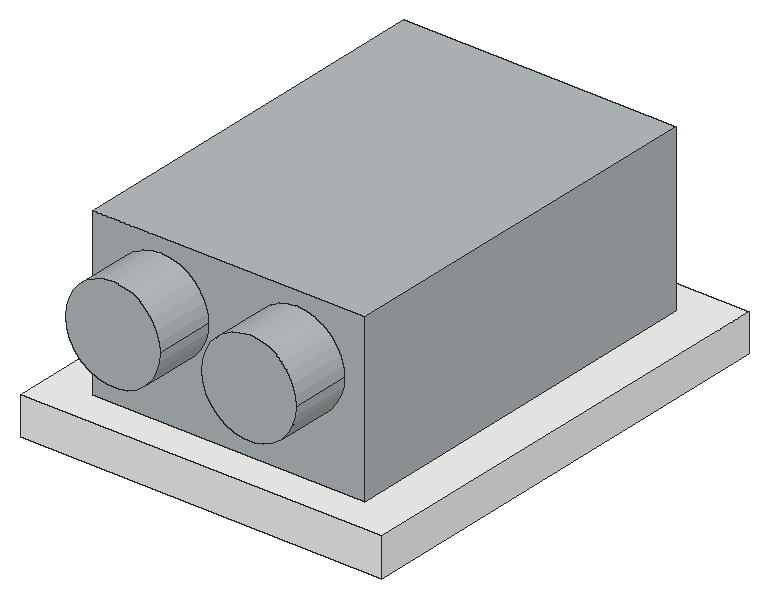
Revit family "v-142_143bzlt5_60Hz", category 機械設備, Revit 2019
Family settings
  丸型コネクタ寸法 = 直径を使用
  パーツ タイプ = 標準
  OmniClass 番号 = 23.75.35.17.27
  OmniClass タイトル = Centrifugal Fans
  作業面ベース = いいえ
  常に垂直 = はい
  ロード時にボイドで切り取り = いいえ
  共有 = いいえ
  部屋計算ポイント = はい
Parameters (values of type "V-142BZLT5")
  騒音レベル(dB(A)) [instance] = 44
  風量 [instance] = 170.0 m³/h
  電源種別 [instance] = ""
  電圧 = 100 V
  電動機出力 = 0 W
  電動機_種別 [instance] = ""
  運転質量 = 0.00 kg
  連動 [instance] = ""
  質量 = if(製品質量 > 運転質量, 製品質量, 運転質量) * 1.2  # 10.08 kg
  負荷分類 = 3_ファン類
  説明 = "バス乾燥・暖房・換気システム 薄形タイプ"
  設計風量 [instance] = 0.0 m³/h
  設置方法 = "カセット形"
  記号 [instance] = ""
  製造元 = "三菱電機株式会社"
  製品質量 = 8.40 kg
  製品出荷対象 = "国内"
  製品リリース年月 = "2022年5月10日"
  製品グループ = ""
  系統 [instance] = ""
  符号 [instance] = if(☑給気／□排気, "FS", "FE")  # "FE"
  積算_科目 = "2 換気設備"
  積算_拾い区分 [instance] = ""
  相 = 1
  盤記号 [instance] = ""
  発停方法 [instance] = ""
  特殊仕様 [instance] = ""
  点検口離隔 = 150 mm
  点検口_Depth = 450 mm
  点検口 = yes
  火災停止 [instance] = ""
  消費電力 = 1230 W
  法定耐用年数 = "10"
  機外静圧 [instance] = 0.0 Pa
  極数 = 2
  材質 [instance] = ""
  操作・制御方式 = ""
  操作・制御スイッチ = ""
  排気量 [instance] = if(☑給気／□排気, 0.0 m³/h, 設計風量)  # 0.0 m³/h
  形式 = ""
  幹線記号 [instance] = ""
  対象室 [instance] = ""
  実風量 [instance] = 0.0 m³/h
  始動方式 [instance] = "直入"
  本体固定用穴ピッチ2 = 265 mm
  本体固定用穴ピッチ1 = 304 mm
  本体固定用穴ピッチ4 = 424 mm
  本体固定用穴ピッチ3 = 224 mm
  外気量 [instance] = if(☑給気／□排気, 設計風量, 0.0 m³/h)  # 0.0 m³/h
  呼称 = "天井扇"
  周波数 = 60 Hz
  参照している仕様書等のバージョン = ""
  分類コード = "50052503100080"
  分類グループ = ""
  価格 = 124300
  企業コード = "108420"
  付属品_防振装置 = ""
  付属品 [instance] = ""
  仕様書バージョン = "Version1.0"
  モデル = "V-142BZLT5"
  マテリアル = 亜鉛メッキ鋼板
  ファンの種類 = ""
  ダクト径 = 100 mm
  コメント [instance] = ""
  Keynote = ""
  カバーマテリアル = 合成樹脂(白)
  ☑給気／□排気 [instance] = no
  Width = 280 mm
  W1 = 372 mm
  Version = ""
  Uniclass2015Version = "Systems v1.9"
  Uniclass2015Title = "Centrifugal fans"
  Uniclass2015Code = "Pr_65_67_29_12"
  URL = "https://www.mitsubishielectric.co.jp/ldg/wink/ssl/displayProduct.do?pid=320527"
  SpecificationReference = ""
  SpecificationDescription = ""
  Revision = ""
  RAダクト接続口_A = yes
  RAダクト接続口_B = no
  RAダクト接続口_C = no
  RAサイズ_D = 97.5 mm
  ProductInformation = ""
  OmniClassCode = "23-33 31 19 11 15"
  MIN風量 = 90.0 m³/h
  MIN静圧 = 0.0 Pa
  MID風量 = 0.0 m³/h
  MID静圧 = 0.0 Pa
  MAX風量 = 170.0 m³/h
  MAX静圧 = 0.0 Pa
  IfcTypeProduct = ""
  IfcProduct = ""
  IfcExportType = "PROPELLORAXIAL"
  IfcExportAs = "IfcFanType"
  Height = 170 mm
  H1 = 39 mm
  EAサイズ_D = 97.5 mm
  Duct_H = 107 mm
  Duct_RA_EA_W = 70 mm
  Duct_Depth = 61 mm
  DuctChange_D = 53.6 mm
  Depth = 400 mm
  D1 = 472 mm
  Author = "三菱電機株式会社"
Types (2, lengths in mm): name | 価格 | モデル | URL | RAダクト接続口_B
  V-142BZLT5 | 124300 | "V-142BZLT5" | "https://www.mitsubishielectric.co.jp/ldg/wink/ssl/displayProduct.do?pid=320527" | no
  V-143BZLT5 | 126500 | "V-143BZLT5" | "https://www.mitsubishielectric.co.jp/ldg/wink/ssl/displayProduct.do?pid=320477" | yes
Reference planes
  plane 1 "中心(正面/背面)": y = 0
  plane 2: z = 0
  plane 3 "中心(左/右)": x = 0
  plane 4: x = -186
  plane 5: x = 186
  plane 6: y = 236
  plane 7: y = -236
  plane 8: x = -140
  plane 9: x = 140
  plane 10: y = 200
  plane 11: y = -200
  plane 12: y = -261
  plane 13: z = 170
  plane 14: z = -39
  plane 15: z = 107
  plane 16: x = -152
  plane 17: x = 152
  plane 18: y = 132.5
  plane 19: y = -132.5
  plane 20: x = 70
  plane 21: x = -70
  plane 22: y = -53.6
  plane 23: x = -201
  plane 24: x = 201
  plane 25: x = -290
  plane 26: x = -740
  plane 27: y = 225
  plane 28: y = -225
  plane 29: x = -112
  plane 30: x = 112
  plane 31: y = 212
  plane 32: y = -212
Forms (mm)
  Extrusion 1, solid, material "亜鉛メッキ鋼板" <- "マテリアル", detail levels fine
    sketch origin (0, 0, 0) x (1, 0, 0) y (0, 1, 0)
      loop
        line (-140, 200) -> (-140, -200) -> (140, -200) -> (140, 200) -> (-140, 200)
    from 0 to 170
  Extrusion 2, solid, material "合成樹脂(白)" <- "カバーマテリアル", detail levels fine
    sketch origin (0, 0, 0) x (1, 0, 0) y (0, 1, 0)
      loop
        line (-186, 236) -> (-186, -236) -> (186, -236) -> (186, 236) -> (-186, 236)
    from 0 to -39
  Extrusion 3, solid, material "亜鉛メッキ鋼板" <- "マテリアル", detail levels fine
    sketch origin (0, 0, 0) x (1, 0, 0) y (0, 0, 1)
      loop
        circle (70, 107) r 48.75
    from 200 to 261
  Extrusion 4, solid, material "亜鉛メッキ鋼板" <- "マテリアル", visible <- "RAダクト接続口_A", detail levels fine
    sketch origin (0, 0, 0) x (1, 0, 0) y (0, 0, 1)
      loop
        circle (-70, 107) r 48.75
    from 200 to 261
  Extrusion 5, solid, material "亜鉛メッキ鋼板" <- "マテリアル", visible <- "RAダクト接続口_C", detail levels fine
    sketch origin (0, 0, 0) x (0, 1, 0) y (0, 0, 1)
      loop
        circle (-53.6, 107) r 48.75
    from 140 to 201
  Extrusion 6, solid, material "亜鉛メッキ鋼板" <- "マテリアル", visible <- "RAダクト接続口_B", detail levels fine
    sketch origin (0, 0, 0) x (0, 1, 0) y (0, 0, 1)
      loop
        circle (-53.6, 107) r 48.75
    from -201 to -140
Dimensions and locks
  equal spacing: plane 4, plane 3 "中心(左/右)", plane 5
  "W1": plane 4 to plane 5
  equal spacing: plane 6, plane 1 "中心(正面/背面)", plane 7
  "D1": plane 6 to plane 7
  equal spacing: plane 8, plane 3 "中心(左/右)", plane 9
  "Width": plane 8 to plane 9
  equal spacing: plane 10, plane 1 "中心(正面/背面)", plane 11
  "Depth": plane 10 to plane 11
  "Duct_Depth": plane 11 to plane 12
  "Height": plane 13 to plane 2
  "Duct_H": plane 15 to plane 2
  equal spacing: plane 16, plane 3 "中心(左/右)", plane 17
  "本体固定用穴ピッチ1": plane 16 to plane 17
  equal spacing: plane 18, plane 1 "中心(正面/背面)", plane 19
  "本体固定用穴ピッチ2": plane 18 to plane 19
  "H1": plane 2 to plane 14
  "Duct_RA_EA_W": plane 20 to plane 3 "中心(左/右)"
  "Duct_RA_EA_W": plane 21 to plane 3 "中心(左/右)"
  "DuctChange_D": plane 1 "中心(正面/背面)" to plane 22
  "Duct_Depth": plane 23 to plane 8
  "Duct_Depth": plane 9 to plane 24
  "点検口_Depth": plane 27 to plane 28
  equal spacing: plane 27, plane 1 "中心(正面/背面)", plane 28
  "点検口_Depth": plane 26 to plane 25
  "点検口離隔": plane 25 to plane 8
  equal spacing: plane 29, plane 3 "中心(左/右)", plane 30
  "本体固定用穴ピッチ3": plane 29 to plane 30
  equal spacing: plane 31, plane 1 "中心(正面/背面)", plane 32
  "本体固定用穴ピッチ4": plane 31 to plane 32
  "RAサイズ_D": diameter of Extrusion 4 sketch curve
  "RAサイズ_D": diameter of Extrusion 5 sketch curve
  "RAサイズ_D": diameter of Extrusion 6 sketch curve
  "EAサイズ_D": diameter of Extrusion 3 sketch curve
  aligned and locked: level to plane 2
  aligned and locked: plane 5 to Extrusion 2
  aligned and locked: plane 6 to Extrusion 2
  aligned and locked: Extrusion 2 to plane 4
  aligned and locked: Extrusion 2 to plane 7
  aligned and locked: plane 9 to Extrusion 1
  aligned and locked: Extrusion 1 to plane 11
  aligned and locked: Extrusion 1 to plane 8
  aligned and locked: plane 10 to Extrusion 1
  aligned and locked: plane 13 to Extrusion 1
  aligned and locked: Extrusion 2 to plane 14
  aligned and locked: level to Extrusion 2
  aligned and locked: Extrusion 1 to level
  aligned and locked: Extrusion 3 to plane 12
  aligned and locked: plane 11 to Extrusion 3
  aligned and locked: nested 2 to plane 16
  aligned and locked: nested 2 to plane 17
  aligned and locked: nested 2 to plane 19
  aligned and locked: nested 2 to plane 18
  aligned and locked: Extrusion 4 to plane 12
  aligned and locked: plane 11 to Extrusion 4
  aligned and locked: Extrusion 6 to plane 23
  aligned and locked: plane 8 to Extrusion 6
  aligned and locked: plane 24 to Extrusion 5
  aligned and locked: Extrusion 5 to plane 9
  aligned and locked: plane 25 to nested 3
  aligned and locked: plane 26 to nested 3
  aligned and locked: plane 28 to nested 3
  aligned and locked: plane 27 to nested 3
  aligned and locked: nested 4 to plane 29
  aligned and locked: nested 4 to plane 30
  aligned and locked: plane 31 to nested 4
  aligned and locked: plane 32 to nested 4
Automatic sketch dimensions
  Extrusion 4 sketch curve to plane 15 = 0 mm
  plane 21 to Extrusion 4 sketch curve = 0 mm
  Extrusion 5 sketch curve to plane 15 = 0 mm
  Extrusion 5 sketch curve to plane 22 = 0 mm
  Extrusion 6 sketch curve to plane 15 = 0 mm
  Extrusion 6 sketch curve to plane 22 = 0 mm
  Extrusion 1 sketch curve to plane 8 = 0 mm
  Extrusion 1 sketch curve to plane 9 = 0 mm
  Extrusion 1 sketch curve to plane 11 = 0 mm
  Extrusion 1 sketch curve to plane 10 = 0 mm
  Extrusion 2 sketch curve to plane 4 = 0 mm
  Extrusion 2 sketch curve to plane 5 = 0 mm
  Extrusion 2 sketch curve to plane 7 = 0 mm
  Extrusion 2 sketch curve to plane 6 = 0 mm
  Extrusion 3 sketch curve to plane 15 = 0 mm
  Extrusion 3 sketch curve to plane 20 = 0 mm
Nested families
  nested 1: "記号_天井換気扇_平面" at (0, 0, 0), type "記号_天井換気扇_平面", detail levels coarse+medium
  nested 2: "固定点" at (-152, -132.5, 0), type "固定点"
    with W 304 mm, D 265 mm
  nested 3: "点検口設置範囲" at (-515, 0, 0), visible <- "点検口", type "点検口設置範囲"
    with Width 450 mm, Depth 450 mm
  nested 4: "固定点" at (-112, -212, 0), type "固定点"
    with W 224 mm, D 424 mm
Connectors
  hvac at (70, -261, 107), driven by "ダクト径", driven by "風量", driven by "機外静圧"
    settings: on Extrusion 3, index 1, duct flow 170.0 m³/h, flow factor 0, pres drop 0.0 Pa, loss coef 0, conn angle 0.00°, conn width 304.8 mm, conn height 304.8 mm, conn diameter 100 mm, duct sys type 3, conn prof type 0, flow config 0, flow direction 2, loss method 4, conn ref index -1, conn util no, is conn primary yes, conn desc ""
  hvac at (-70, -261, 107), driven by "ダクト径", driven by "機外静圧", driven by "風量"
    settings: on Extrusion 4, index 3, duct flow 170.0 m³/h, flow factor 0, pres drop 0.0 Pa, loss coef 0, conn angle 0.00°, conn width 304.8 mm, conn height 304.8 mm, conn diameter 100 mm, duct sys type 2, conn prof type 0, flow config 0, flow direction 1, loss method 4, conn ref index -1, conn util no, is conn primary no, conn desc ""
  hvac at (201, -53.6, 107), driven by "ダクト径", driven by "機外静圧", driven by "風量"
    settings: on Extrusion 5, index 4, duct flow 170.0 m³/h, flow factor 0, pres drop 0.0 Pa, loss coef 0, conn angle 0.00°, conn width 304.8 mm, conn height 304.8 mm, conn diameter 100 mm, duct sys type 2, conn prof type 0, flow config 0, flow direction 1, loss method 4, conn ref index -1, conn util no, is conn primary no, conn desc ""
  hvac at (-201, -53.6, 107), driven by "ダクト径", driven by "機外静圧", driven by "風量"
    settings: on Extrusion 6, index 5, duct flow 170.0 m³/h, flow factor 0, pres drop 0.0 Pa, loss coef 0, conn angle 0.00°, conn width 304.8 mm, conn height 304.8 mm, conn diameter 100 mm, duct sys type 2, conn prof type 0, flow config 0, flow direction 1, loss method 4, conn ref index -1, conn util no, is conn primary no, conn desc ""
  electrical at (0, 0, 170), driven by "極数", driven by "負荷分類", driven by "電圧", driven by "消費電力"
    settings: on Extrusion 1, index 6, voltage 100 V, apparent load 1230 VA, apparent load phase1 0 VA, apparent load phase2 0 VA, apparent load phase3 0 VA, power factor 1, load classification "3_ファン類", number of poles 2, system type 30, power factor state 1, is connector primary yes, connector utility no, sub classification motor no, connector description ""
Definition of nested family "記号_天井換気扇_平面"
  Reference planes
    plane 1: y = 0
    plane 2: x = 0
  Lines and regions (mm)
    detail lines
      curve 1: line (-2.5, 2.5, 0) -> (2.5, 2.5, 0)
      curve 2: line (-2.5, -2.5, 0) -> (-2.5, 2.5, 0)
      curve 3: line (2.5, -2.5, 0) -> (-2.5, -2.5, 0)
      curve 4: line (2.5, 2.5, 0) -> (2.5, -2.5, 0)
      curve 5: circle (-1.04, -1.04, 0) r 1.46 normal (0, 0, 1)
      curve 6: circle (1.04, 1.04, 0) r 1.46 normal (0, 0, 1)
      curve 7: line (-3.125, 3.125, 0) -> (3.125, 3.125, 0)
      curve 8: line (-3.125, -3.125, 0) -> (-3.125, 3.125, 0)
      curve 9: line (3.125, -3.125, 0) -> (-3.125, -3.125, 0)
      curve 10: line (3.125, 3.125, 0) -> (3.125, -3.125, 0)
      curve 11: circle (1.295, 1.295, 0) r 1.83 normal (0, 0, 1)
      curve 12: circle (-1.295, -1.295, 0) r 1.83 normal (0, 0, 1)
      curve 13: line (-2, 2, 0) -> (2, 2, 0)
      curve 14: line (-2, -2, 0) -> (-2, 2, 0)
      curve 15: line (2, -2, 0) -> (-2, -2, 0)
      curve 16: line (2, 2, 0) -> (2, -2, 0)
      curve 17: circle (0.84, 0.84, 0) r 1.16 normal (0, 0, 1)
      curve 18: circle (-0.84, -0.84, 0) r 1.2 normal (0, 0, 1)
Definition of nested family "固定点"
  Parameters (values of type "固定点")
    中心円 = 20 mm
    W [instance] = 1000 mm
    D [instance] = 1000 mm
  Reference planes
    plane 1 "中心(正面/背面)": y = 0
    plane 2: z = 0
    plane 3 "中心(左/右)": x = 0
    plane 4: x = 1000
    plane 5: y = 1000
  Lines and regions (mm)
    symbolic lines, detail levels fine
      curve 1: circle (0, 1000, 0) r 10 normal (0, 0, 1)
      curve 2: circle (0, 0, 0) r 10 normal (0, 0, 1)
      curve 3: circle (1000, 1000, 0) r 10 normal (0, 0, 1)
      curve 4: circle (1000, 0, 0) r 10 normal (0, 0, 1)
      curve 5: line (-200, 1000, 0) -> (1200, 1000, 0)
      curve 6: line (-200, 0, 0) -> (1200, 0, 0)
      curve 7: line (0, 1200, 0) -> (0, -200, 0)
      curve 8: line (1000, 1200, 0) -> (1000, -200, 0)
  Dimensions and locks
    "W": plane 3 "中心(左/右)" to plane 4
    "D": plane 1 "中心(正面/背面)" to plane 5
    "中心円": diameter of curve 1
    "中心円": diameter of curve 2
    "中心円": diameter of curve 3
    "中心円": diameter of curve 4
    aligned and locked: level to plane 2
    aligned and locked: plane 5 to curve 1
    aligned and locked: plane 3 "中心(左/右)" to curve 1
    aligned and locked: plane 3 "中心(左/右)" to curve 2
    aligned and locked: plane 1 "中心(正面/背面)" to curve 2
    aligned and locked: plane 4 to curve 3
    aligned and locked: plane 5 to curve 3
    aligned and locked: plane 1 "中心(正面/背面)" to curve 4
    aligned and locked: plane 4 to curve 4
    aligned and locked: plane 1 "中心(正面/背面)" to curve 6
    aligned and locked: curve 7 to plane 3 "中心(左/右)"
    aligned and locked: curve 8 to plane 4
  Automatic sketch dimensions
    curve 5 to plane 5 = 0 mm
    curve 6 to plane 3 "中心(左/右)" = 200 mm
    curve 5 to plane 3 "中心(左/右)" = 200 mm
    curve 4 to curve 6 = 200 mm
    curve 3 to curve 5 = 200 mm
    plane 1 "中心(正面/背面)" to curve 8 = 200 mm
    plane 1 "中心(正面/背面)" to curve 7 = 200 mm
    curve 3 to curve 8 = 200 mm
    curve 1 to curve 7 = 200 mm
Definition of nested family "点検口設置範囲"
  Parameters (values of type "点検口設置範囲")
    Width [instance] = 1000 mm
    Depth [instance] = 700 mm
  Reference planes
    plane 1 "中心(正面/背面)": y = 0
    plane 2: z = 0
    plane 3 "中心(左/右)": x = 0
    plane 4: x = -500
    plane 5: x = 500
    plane 6: y = -350
    plane 7: y = 350
  Lines and regions (mm)
    model lines
      curve 1: line (-500, 350, 0) -> (500, 350, 0)
      curve 2: line (-500, -350, 0) -> (-500, 350, 0)
      curve 3: line (500, -350, 0) -> (-500, -350, 0)
      curve 4: line (500, 350, 0) -> (500, -350, 0)
  Dimensions and locks
    "Depth": plane 7 to plane 6
    "Width": plane 4 to plane 5
    equal spacing: plane 7, plane 1 "中心(正面/背面)", plane 6
    equal spacing: plane 4, plane 3 "中心(左/右)", plane 5
    aligned and locked: level to plane 2
    aligned and locked: plane 4 to curve 2
    aligned and locked: curve 1 to plane 7
    aligned and locked: curve 4 to plane 5
    aligned and locked: plane 6 to curve 3
